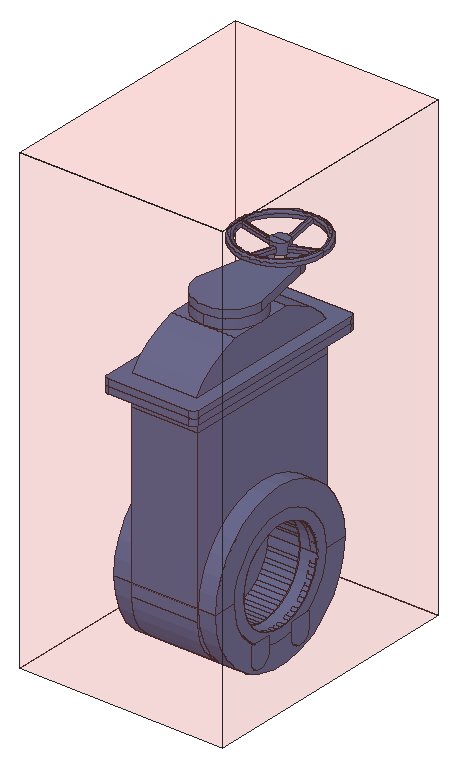
Revit family "Поли-Групп_ЗадвижкаКлиноваяEAZ-МК-F3(ВS)_DN350-1600", category Арматура трубопроводов, Revit 2019
Family settings
  Размер круглого соединителя = Использовать диаметр
  Тип детали = Клапан - Вставляется
  На основе рабочей плоскости = Нет
  Всегда вертикально = Да
  При загрузке вырезать с полостями = Нет
  Общий = Нет
Parameters (values of type "Загрузите типоразмеры из каталог семейств")
  с = H1 - D * 0.5  # 17.5 mm
  Тип присоединения = "Фланцевое"  # constant formula
  Тип привода = "Редуктор"  # constant formula
  Температура рабочей среды = "0 до +70°С"  # constant formula
  ТВ = "Поли-Групп_ЗадвижкаКлиноваяEAZ-МК-F3(ВS)_DN350-1600"  # constant formula
  Срок службы = "50 лет"  # constant formula
  Сервисная зона_Вкл_Выкл [instance] = yes
  Разработчик = "https://3dbim.pro/"
  Рабочая среда = "Техническая вода, канализационные стоки, морская вода"  # constant formula
  Покрытие = "Высококачественное эпоксидное покрытие толщиной 300 мкм"  # constant formula
  Корпус_Глубина = A * 0.8  # 604.8 mm
  R1 = R * 10  # 206 mm
  L2 = L1 * 0.3  # 81 mm
  L1 = size_lookup(ТВ, "L1", 500 mm, DN, PN)  # 270 mm
  D1 = size_lookup(ТВ, "D1", 340 mm, DN, PN)  # 460 mm
  A = size_lookup(ТВ, "A", 340 mm, DN, PN)  # 756 mm
  l3 = L * 0.9  # 342.9 mm
  Назначение = "Для установки в качестве запорного устройства на трубопроводах"  # constant formula
  Материал уплотнителя = "PTFE"  # constant formula
  Материал Диска = "Высокопрочный чугун с шаровидным графитом (GGG-40)"  # constant formula
  d1 = DN / 4  # 87.5 mm
  Класс герметичности = "А по ГОСТ Р 9544-2015"  # constant formula
  Manufacturer = ""
  h2 = H2 * 0.7  # 683.2 mm
  Габаритные размеры = size_lookup(ТВ, "Габаритные размеры", "нет данных", DN, PN)  # "505х381х1246"
  t = h2 * 0.1  # 68.32 mm
  l2 = L * 0.65  # 247.65 mm
  l1 = L * 0.6  # 228.6 mm
  b = size_lookup(ТВ, "b", 20 mm, DN, PN)  # 24.5 mm
  PN = 10.0 bar
  H1 = size_lookup(ТВ, "H1", 40 mm, DN, PN)  # 270 mm
  D2 = size_lookup(ТВ, "D2", 295 mm, DN, PN)  # 429 mm
  f = size_lookup(ТВ, "f", 3 mm, DN, PN)  # 4 mm
  URL = ""
  R = size_lookup(ТВ, "R", 40 mm, DN, PN)  # 20.6 mm
  L = size_lookup(ТВ, "L", 500 mm, DN, PN)  # 381 mm
  Kv = size_lookup(ТВ, "Kv", 1.0 m³/h, DN, PN)  # 1.0 m³/h
  H2 = size_lookup(ТВ, "H2", 250 mm, DN, PN)  # 976 mm
  D_Наружный = DN + 9 mm  # 359 mm
  DN = 350 mm
  D = size_lookup(ТВ, "D", 340 mm, DN, PN)  # 505 mm
  ADSK_Расход жидкости [instance] = 0.0 m³/h
  ADSK_Примечание = ""
  ADSK_Потеря давления жидкости [instance] = (ADSK_Расход жидкости / Kv) ^ 2 * 1.0 bar  # 0.0 bar
  ADSK_Позиция = ""
  ADSK_Обозначение = ""
  ADSK_Наименование краткое = size_lookup(ТВ, "ADSK_Наименование краткое", "нет данных", DN, PN)  # "Задвижка клиновая EAZ MK F3 DN350 PN10"
  ADSK_Наименование = size_lookup(ТВ, "ADSK_Наименование", "нет данных", DN, PN)  # "Задвижка клиновая с металлическим уплотнением EAZ MK F3 для сточных вод фланцевая DN350 PN10"
  ADSK_Материал наименование = "Высокопрочный чугун с шаровидным графитом (GGG-40)"  # constant formula
  ADSK_Материал = Высокопрочный чугун GGG-40
  ADSK_Масса_Текст = size_lookup(ТВ, "ADSK_Масса_Текст", "нет данных", DN, PN)  # "225"
  ADSK_Масса = size_lookup(ТВ, "ADSK_Масса", 0, DN, PN)  # 225
  ADSK_Марка = size_lookup(ТВ, "ADSK_Код изделия", "нет данных", DN, PN)  # "EAZ-GV-1-F3 DN350 PN10"
  ADSK_Количество = 1  # constant formula
  ADSK_Код изделия = ""
  ADSK_Завод-изготовитель = "ООО ПК «Поли-Групп»"  # constant formula
  ADSK_Единица измерения = "шт"  # constant formula
  ADSK_Версия Revit = "2019"  # constant formula
  ADSK_URL страницы изделия = "https://www.polycorr.ru/"
Reference planes
  plane 1 "По центру (Вперед/Назад)": y = 0
  plane 2: z = 0
  plane 3 "По центру (Влево/Вправо)": x = 0
  plane 4: y = 175
  plane 5: y = -175
  plane 6: x = -190.5
  plane 7: x = 190.5
  plane 8: x = -154
  plane 9: x = 154
  plane 10: y = 214.5
  plane 11: y = -214.5
  plane 12: y = 302.4
  plane 13: y = -302.4
  plane 14 "Корпус": z = 683.2
  plane 15: z = 658.7
  plane 16: z = 590.38
  plane 17: x = -123.825
  plane 18: x = 123.825
  plane 19: x = -114.3
  plane 20: x = 114.3
  plane 21: y = 378
  plane 22: y = -378
  plane 23: x = 171.45
  plane 24: x = -171.45
  plane 25: y = 302.4
  plane 26: y = -302.4
  plane 27: x = -5
  plane 28: x = 5
  plane 29: z = 175
  plane 30: z = -175
  plane 31 "Штурвал": z = 976
  plane 32: y = -135
  plane 33: y = 135
  plane 34: z = -270
  plane 35: z = -252.5
  plane 36: y = -54
  plane 37: y = 54
Forms (mm)
  Revolve 1, solid, material "Высокопрочный чугун GGG-40" <- "ADSK_Материал", detail levels fine
    sketch origin (0, 0, 0) x (1, 0, 0) y (0, 1, 0)
      loop
        line (-190.5, 302.4) -> (-190.5, 0) -> (190.5, 0) -> (190.5, 302.4) -> (-190.5, 302.4)
      axis (-190.5, 0) -> (190.5, 0)
    angle from 0 to 360
  Extrusion 2, solid, material "Высокопрочный чугун GGG-40" <- "ADSK_Материал", detail levels fine
    sketch origin (-117.677, -1524, 658.7) x (-1, 0, 0) y (0, -1, 0)
      loop
        arc (33.173, -1902) -> (47.739, -1895.966) -> (53.773, -1881.4) r 20.6
        line (53.773, -1881.4) -> (53.773, -1166.6)
        arc (53.773, -1166.6) -> (47.739, -1152.034) -> (33.173, -1146) r 20.6
        line (33.173, -1146) -> (-268.527, -1146)
        arc (-268.527, -1146) -> (-283.094, -1152.034) -> (-289.127, -1166.6) r 20.6
        line (-289.127, -1166.6) -> (-289.127, -1881.4)
        arc (-289.127, -1881.4) -> (-283.094, -1895.966) -> (-268.527, -1902) r 20.6
        line (-268.527, -1902) -> (33.173, -1902)
    from 0 to 24.5
  Extrusion 3, solid, material "Высокопрочный чугун GGG-40" <- "ADSK_Материал", detail levels fine
    sketch origin (-117.677, -1524, 590.38) x (-1, 0, 0) y (0, -1, 0)
      loop
        line (6.148, -1221.6) -> (-241.502, -1221.6) -> (-241.502, -1826.4) -> (6.148, -1826.4) -> (6.148, -1221.6)
    from 0 to 68.32
  Extrusion 4, void
    sketch origin (-154, 168.089, 1200) x (0, -1, 0) y (0, 0, 1)
      loop
        circle (168.089, -1200) r 175
    from 36.5 to -344.5
  Extrusion 5, solid, material "Высокопрочный чугун GGG-40" <- "ADSK_Материал", detail levels fine
    sketch origin (0, 0, 0) x (0, 1, 0) y (0, 0, 1)
      loop
        circle (0, 0) r 175
    from -5 to 5
  Extrusion 6, solid, material "Высокопрочный чугун GGG-40" <- "ADSK_Материал", detail levels fine
    sketch origin (0, 0, 0) x (1, 0, 0) y (0, 1, 0)
      loop
        circle (0, 0) r 43.75
    from -175 to 175
  Extrusion 7, solid, material "Высокопрочный чугун GGG-40" <- "ADSK_Материал", detail levels fine
    sketch origin (0, 0, 0) x (0, 1, 0) y (0, 0, 1)
      loop
        line (-302.4, 590.38) -> (-302.4, -46.5)
        arc (-302.4, -46.5) -> (-242.064, -192.164) -> (-96.4, -252.5) r 206
        line (-96.4, -252.5) -> (96.4, -252.5)
        arc (96.4, -252.5) -> (242.064, -192.164) -> (302.4, -46.5) r 206
        line (302.4, -46.5) -> (302.4, 590.38) -> (-302.4, 590.38)
    from -123.825 to 123.825
  Extrusion 8, solid, material "Высокопрочный чугун GGG-40" <- "ADSK_Материал", detail levels fine
    sketch origin (0, 0, 0) x (0, 1, 0) y (0, 0, 1)
      loop
        arc (-94, -270) -> (-65.716, -258.284) -> (-54, -230) r 40
        line (-54, -230) -> (-54, -175) -> (-135, -175) -> (-135, -230)
        arc (-135, -230) -> (-123.284, -258.284) -> (-95, -270) r 40
        line (-95, -270) -> (-94, -270)
      loop
        arc (95, -270) -> (123.284, -258.284) -> (135, -230) r 40
        line (135, -230) -> (135, -175) -> (54, -175) -> (54, -230)
        arc (54, -230) -> (65.716, -258.284) -> (94, -270) r 40
        line (94, -270) -> (95, -270)
    from 171.45 to 190.5
  Extrusion 9, solid, material "Высокопрочный чугун GGG-40" <- "ADSK_Материал", detail levels fine
    sketch origin (0, 0, 0) x (0, 1, 0) y (0, 0, 1)
      loop
        line (-135, -175) -> (-135, -230)
        arc (-135, -230) -> (-123.284, -258.284) -> (-95, -270) r 40
        line (-95, -270) -> (-94, -270)
        arc (-94, -270) -> (-65.716, -258.284) -> (-54, -230) r 40
        line (-54, -230) -> (-54, -175) -> (-135, -175)
      loop
        line (135, -175) -> (54, -175) -> (54, -230)
        arc (54, -230) -> (65.716, -258.284) -> (94, -270) r 40
        line (94, -270) -> (95, -270)
        arc (95, -270) -> (123.284, -258.284) -> (135, -230) r 40
        line (135, -230) -> (135, -175)
    from -190.5 to -171.45
Cuts and joins
  Extrusion 4 cuts Revolve 1
  Extrusion 4 cuts Extrusion 7
Dimensions and locks
  equal spacing: plane 4, plane 1 "По центру (Вперед/Назад)", plane 5
  "DN": plane 4 to plane 5
  equal spacing: plane 10, plane 1 "По центру (Вперед/Назад)", plane 11
  "D2": plane 10 to plane 11
  equal spacing: plane 12, plane 1 "По центру (Вперед/Назад)", plane 13
  "Корпус_Глубина": plane 12 to plane 13
  "b": plane 14 "Корпус" to plane 15
  "h2": plane 14 "Корпус" to plane 2
  equal spacing: plane 19, plane 3 "По центру (Влево/Вправо)", plane 20
  "l1": plane 19 to plane 20
  equal spacing: plane 17, plane 3 "По центру (Влево/Вправо)", plane 18
  "l2": plane 17 to plane 18
  equal spacing: plane 21, plane 1 "По центру (Вперед/Назад)", plane 22
  "A": plane 21 to plane 22
  equal spacing: plane 24, plane 3 "По центру (Влево/Вправо)", plane 23
  "l3": plane 24 to plane 23
  "Корпус_Глубина": plane 25 to plane 26
  equal spacing: plane 26, plane 1 "По центру (Вперед/Назад)", plane 25
  equal spacing: plane 28, plane 3 "По центру (Влево/Вправо)", plane 27
  locked: plane 28 to plane 3 "По центру (Влево/Вправо)" at 5
  "t": plane 15 to plane 16
  equal spacing: plane 29, level, plane 30
  "DN": plane 29 to plane 30
  "H2": plane 31 "Штурвал" to level
  equal spacing: plane 6, nested 3, plane 7
  "L": plane 6 to plane 7
  equal spacing: plane 6, plane 3 "По центру (Влево/Вправо)", plane 7
  equal spacing: plane 32, plane 1 "По центру (Вперед/Назад)", plane 33
  "L1": plane 32 to plane 33
  "H1": level to plane 34
  "с": plane 35 to plane 34
  "L2": plane 32 to plane 36
  "L2": plane 37 to plane 33
  "R": radius of Extrusion 2 sketch curve  (x4)
  "DN": diameter of Extrusion 4 sketch curve
  "DN": diameter of Extrusion 5 sketch curve
  "d1": diameter of Extrusion 6 sketch curve
  "R1": radius of Extrusion 7 sketch curve  (x2)
  radius of Extrusion 8 sketch curve = 40 mm  (x4)
  radius of Extrusion 9 sketch curve = 40 mm  (x4)
  aligned and locked: level to plane 2
  aligned and locked: Revolve 1 sketch curve to plane 12
  aligned and locked: plane 1 "По центру (Вперед/Назад)" to Revolve 1 sketch curve
  aligned and locked: Extrusion 2 sketch curve to plane 21
  aligned and locked: Extrusion 2 sketch curve to plane 24
  aligned and locked: plane 22 to Extrusion 2 sketch curve
  aligned and locked: Extrusion 2 sketch curve to plane 23
  aligned and locked: plane 14 "Корпус" to Extrusion 2
  aligned and locked: plane 26 to Extrusion 3 sketch curve
  aligned and locked: Extrusion 3 sketch curve to plane 17
  aligned and locked: Extrusion 3 sketch curve to plane 25
  aligned and locked: Extrusion 3 sketch curve to plane 18
  aligned and locked: Revolve 1 sketch curve to plane 1 "По центру (Вперед/Назад)"
  aligned and locked: nested 1 to plane 1 "По центру (Вперед/Назад)"
  aligned and locked: plane 1 "По центру (Вперед/Назад)" to nested 2
  aligned and locked: Extrusion 5 to plane 27
  aligned and locked: Extrusion 5 to plane 28
  aligned and locked: Extrusion 3 to plane 15
  aligned and locked: Extrusion 6 to plane 30
  aligned and locked: plane 29 to Extrusion 6
  aligned and locked: plane 1 "По центру (Вперед/Назад)" to nested 3
  aligned and locked: plane 7 to nested 2
  aligned and locked: Revolve 1 sketch curve to plane 7
  aligned and locked: cut or joined group of Revolve 1, Extrusion 4 to plane 6
  aligned and locked: Extrusion 4 to plane 6
  aligned and locked: plane 7 to Extrusion 4
  aligned and locked: nested 1 to plane 6
  aligned and locked: plane 3 "По центру (Влево/Вправо)" to nested 4
  aligned and locked: plane 1 "По центру (Вперед/Назад)" to nested 4
  aligned and locked: nested 4 to level
  aligned and locked: plane 3 "По центру (Влево/Вправо)" to nested 5
  aligned and locked: nested 5 to level
  aligned and locked: plane 3 "По центру (Влево/Вправо)" to nested 6
  aligned and locked: Extrusion 7 sketch curve to Extrusion 3  (x2)
  aligned and locked: plane 35 to Extrusion 7 sketch curve
  aligned and locked: Extrusion 7 sketch curve to plane 12
  aligned and locked: Extrusion 7 to plane 17
  aligned and locked: plane 18 to Extrusion 7
  aligned and locked: plane 34 to Extrusion 8 sketch curve  (x2)
  aligned and locked: Extrusion 8 sketch curve to plane 30
  aligned and locked: plane 32 to Extrusion 8 sketch curve
  aligned and locked: Extrusion 8 sketch curve to plane 33
  aligned and locked: Extrusion 6 to Extrusion 8 sketch curve
  aligned and locked: plane 37 to Extrusion 8 sketch curve
  aligned and locked: plane 7 to Extrusion 8
  aligned and locked: Extrusion 8 to plane 23
  aligned and locked: Extrusion 9 sketch curve to plane 30
  aligned and locked: plane 32 to Extrusion 9 sketch curve
  aligned and locked: plane 34 to Extrusion 9 sketch curve
  aligned and locked: Extrusion 9 sketch curve to plane 36
  aligned and locked: plane 30 to Extrusion 9 sketch curve
  aligned and locked: plane 33 to Extrusion 9 sketch curve
  aligned and locked: Extrusion 9 sketch curve to plane 34
  aligned and locked: Extrusion 9 sketch curve to plane 37
  aligned and locked: Extrusion 9 to plane 24
  aligned and locked: Extrusion 9 to plane 6
Automatic sketch dimensions
  Revolve 1 sketch curve to plane 6 = 14 mm
  Revolve 1 sketch curve to plane 7 = 5 mm
  Revolve 1 sketch curve to plane 6 = 0 mm
  Extrusion 8 sketch curve to plane 36 = 0 mm
  Extrusion 9 sketch curve to plane 36 = 0 mm
  Extrusion 4 sketch curve to level = 0 mm
  Extrusion 4 sketch curve to plane 1 "По центру (Вперед/Назад)" = 0 mm
  Extrusion 5 sketch curve to level = 0 mm
  Extrusion 5 sketch curve to plane 1 "По центру (Вперед/Назад)" = 0 mm
  plane 1 "По центру (Вперед/Назад)" to Extrusion 6 sketch curve = 0 mm
  Extrusion 6 sketch curve to plane 3 "По центру (Влево/Вправо)" = 0 mm
Nested families
  nested 1: "Вл_Фланец" at (-166, 0, 0) x (-1, 0, 0) z (0, 0, 1), type "Вл_Фланец", detail levels fine
    with D2 429 mm, f 4 mm, D 505 mm, b 24.5 mm, DN 350 mm
  nested 2: "Вл_Фланец" at (166, 0, 0), type "Вл_Фланец", detail levels fine
    with D2 429 mm, f 4 mm, D 505 mm, b 24.5 mm, DN 350 mm
  nested 3: "Вл_КрышкаКорпусаРедуктор" at (0, 0, 683.2), type "Вл_КрышкаКорпусаРедуктор", detail levels fine
    with h2 683.2 mm, Крышка_Высота 146.816 mm, КрышкаКорпуса_Высота 183.52 mm
  nested 4: "УГО_АТ_Задвижка" at (-0.685, 0, 0) x (1, 0, 0) z (0, -1, 0), type "УГО_АТ_Задвижка", detail levels coarse+medium
    with УГО_Длина 381 mm, b 109.985 mm
  nested 5: "УГО_ЭУ_Задвижка" at (0, 0, 0) x (1, 0, 0) z (0, -1, 0), type "УГО_ЭУ_Задвижка", detail levels coarse+medium
    with УГО_Длина 381 mm, b 109.985 mm
  nested 6: "Вл_СервиснаяЗона" at (0, 0, -19.073), visible <- "Сервисная зона_Вкл_Выкл", ВысотаНадОсью <- "H2", ВысотаПодОсью <- "H1", ДиаметрФланца <- "D", Длина <- "L", type "Вл_СервиснаяЗона", detail levels fine
    with СЗ_ШиринаНазад 505 mm, СЗ_ШиринаВперед 505 mm, СЗ_Длина 762 mm, СЗ_ВысотаПодОсью 270 mm, СЗ_ВысотаНадОсью 1464 mm, Длина 381 mm, ДиаметрФланца 505 mm, ВысотаПодОсью 270 mm, ВысотаНадОсью 976 mm, on_off yes
Connectors
  piping at (190.5, 0, 0), diameter 350, driven by "DN", driven by "ADSK_Расход жидкости"
    settings: on cut or joined group of Revolve 1, Extrusion 4, index 1, connector inside diameter 609.6 mm, connector length 0 mm, flow factor 0, pipe flow 0.0 m³/h, pressure drop 0.0 bar, fitting loss kfactor 0, connector angle 0.00°, fixture units 0, engagement length 0 mm, angle of deflection 0.00°, flow configuration 0, flow direction 0, fitting loss method 0, system type 29, joint type 0, gender type 0, connector reference index 2, connector utility 0, adjustable connector no, is connector primary yes, connector description ""
  piping at (-190.5, 0, 0), diameter 350, driven by "DN", driven by "ADSK_Расход жидкости", driven by "ADSK_Потеря давления жидкости"
    settings: on cut or joined group of Revolve 1, Extrusion 4, index 2, connector inside diameter 609.6 mm, connector length 0 mm, flow factor 0, pipe flow 0.0 m³/h, pressure drop 0.0 bar, fitting loss kfactor 0, connector angle 0.00°, fixture units 0, engagement length 0 mm, angle of deflection 0.00°, flow configuration 0, flow direction 0, fitting loss method 4, system type 29, joint type 0, gender type 0, connector reference index 1, connector utility 0, adjustable connector no, is connector primary no, connector description ""
Definition of nested family "Вл_Фланец"
  Parameters (values of type "Вл_Фланец")
    Материал = none
    Manufacturer = ""
    D2 = 682 mm
    f = 5 mm
    URL = ""
    D = 780 mm
    b = 36 mm
    DN = 600 mm
  Reference planes
    plane 1 "По центру (Вперед/Назад)": y = 0
    plane 2: z = 0
    plane 3 "По центру (Влево/Вправо)": x = 0
    plane 4: x = 31
    plane 5: x = 36
  Forms (mm)
    Extrusion 1, solid, material <- "Материал"
      sketch origin (0, 0, 0) x (0, 1, 0) y (0, 0, 1)
        loop
          circle (0, 1.343) r 390
        loop
          circle (0, 0) r 300
      from 0 to 31
    Extrusion 2, solid, material <- "Материал"
      sketch origin (31, 232.183, 1200) x (0, 1, 0) y (0, 0, 1)
        loop
          circle (-232.183, -1200) r 341
        loop
          circle (-232.183, -1200) r 300
      from 0 to 5
  Dimensions and locks
    "f": plane 4 to plane 5
    "b": plane 3 "По центру (Влево/Вправо)" to plane 5
    "D": diameter of Extrusion 1 sketch curve
    "DN": diameter of Extrusion 1 sketch curve
    "DN": diameter of Extrusion 2 sketch curve
    "D2": diameter of Extrusion 2 sketch curve
    aligned and locked: level to plane 2
    aligned and locked: Extrusion 1 to plane 4
    aligned and locked: Extrusion 2 to plane 5
  Automatic sketch dimensions
    Extrusion 1 sketch curve to level = 0 mm
    Extrusion 1 sketch curve to plane 1 "По центру (Вперед/Назад)" = 0 mm  (x2)
    level to Extrusion 1 sketch curve = 1.343 mm
    Extrusion 2 sketch curve to Extrusion 2 sketch curve = 0 mm  (x2)
    Extrusion 2 sketch curve to level = 0 mm
    Extrusion 2 sketch curve to plane 1 "По центру (Вперед/Назад)" = 0 mm
Definition of nested family "Вл_КрышкаКорпусаРедуктор"
  Parameters (values of type "Вл_КрышкаКорпусаРедуктор")
    Штурвал_Высота = DO * 0.25  # 80 mm
    Редуктор_Длина = Редуктор_Вал_r1 * 2  # 240.03 mm
    Редуктор_Высота = H2 * 0.03  # 29.28 mm
    Крышка_Ширина = l3 * 0.7  # 240.03 mm
    Крышка_Глубина = A * 0.8  # 604.8 mm
    ТВ = "Поли-Групп_ЗадвижкаКлиноваяEAZ-МК-F3(ВS)_DN350-1600"  # constant formula
    Редуктор_Вал_r1 = Крышка_Ширина * 0.5  # 120.015 mm
    l3 = L * 0.9  # 342.9 mm
    Default Elevation = 1219.2 mm
    Материал = none
    h2 = 376 mm
    Manufacturer = ""
    PN = 10.0 bar
    A = size_lookup(ТВ, "A", 500 mm, DN, PN)  # 756 mm
    Крышка_Высота = КрышкаКорпуса_Высота * 0.8  # 392.576 mm
    КрышкаКорпуса_Высота = H2 - h2 - Редуктор_Высота - Штурвал_Высота  # 490.72 mm
    Верх_Глубина = Редуктор_Вал_r2 / 5  # 14.402 mm
    b = size_lookup(ТВ, "b", 20 mm, DN, PN)  # 24.5 mm
    URL = ""
    R = size_lookup(ТВ, "R", 20 mm, DN, PN)  # 20.6 mm
    L = size_lookup(ТВ, "L", 500 mm, DN, PN)  # 381 mm
    H2 = size_lookup(ТВ, "H2", 250 mm, DN, PN)  # 976 mm
    Редуктор_Вал_r2 = Крышка_Ширина * 0.3  # 72.009 mm
    DO = 320 mm  # constant formula
    DN = 350 mm
    D = size_lookup(ТВ, "D", 340 mm, DN, PN)  # 505 mm
  Reference planes
    plane 1 "По центру (Вперед/Назад)": y = 0
    plane 2: z = 0
    plane 3 "По центру (Влево/Вправо)": x = 0
    plane 4: y = 378
    plane 5: y = -378
    plane 6: x = 171.45
    plane 7: x = -171.45
    plane 8: z = 24.5
    plane 9: x = 46.6
    plane 10: x = -46.6
    plane 11: y = 64.5
    plane 12 "1": y = -55
    plane 13: z = 392.576
    plane 14 "ШляпаНиз2": y = 302.4
    plane 15 "ШляпаНиз1": y = -302.4
    plane 16: x = 120.015
    plane 17: x = -120.015
    plane 18: x = 36.005
    plane 19: x = -36.004
    plane 20: y = 120.015
    plane 21: y = -120.015
    plane 22: z = 490.72
    plane 23: z = 196.288
    plane 24: z = 119.481
    plane 25 "Штурвал2": z = 520
    plane 26 "Штурвал": y = 240.03
  Forms (mm)
    Extrusion 1, solid, material <- "Материал"
      sketch origin (0, 0, 0) x (1, 0, 0) y (0, 1, 0)
        loop
          arc (-150.85, 378) -> (-165.416, 371.966) -> (-171.45, 357.4) r 20.6
          line (-171.45, 357.4) -> (-171.45, -357.4)
          arc (-171.45, -357.4) -> (-165.416, -371.966) -> (-150.85, -378) r 20.6
          line (-150.85, -378) -> (150.85, -378)
          arc (150.85, -378) -> (165.416, -371.966) -> (171.45, -357.4) r 20.6
          line (171.45, -357.4) -> (171.45, 357.4)
          arc (171.45, 357.4) -> (165.416, 371.966) -> (150.85, 378) r 20.6
          line (150.85, 378) -> (-150.85, 378)
      from 0 to 24.5
    Extrusion 2, solid, material <- "Материал"
      sketch origin (0, 76.451, 392.576) x (0, 1, 0) y (-1, 0, 0)
        loop
          circle (-76.451, 0) r 120.015
      from 0 to 98.144
    Extrusion 3, solid, material <- "Материал"
      sketch origin (0, 0, 0) x (0, 1, 0) y (0, 0, 1)
        loop
          spline (-120.015, 392.576) -> (-147.959, 360.171) -> (-173.586, 328.08) -> (-196.896, 296.305) -> (-217.888, 264.845) -> (-236.563, 233.699) -> (-252.92, 202.869) -> (-266.96, 172.353) -> (-278.683, 142.153) -> (-288.088, 112.267) -> (-295.176, 82.696) -> (-299.947, 53.441) -> (-302.4, 24.5)
          line (-302.4, 24.5) -> (302.4, 24.5)
          spline (302.4, 24.5) -> (299.947, 53.441) -> (295.176, 82.696) -> (288.088, 112.267) -> (278.683, 142.153) -> (266.96, 172.353) -> (252.92, 202.869) -> (236.563, 233.699) -> (217.888, 264.845) -> (196.896, 296.305) -> (173.586, 328.08) -> (147.959, 360.171) -> (120.015, 392.576)
          line (120.015, 392.576) -> (-120.015, 392.576)
      from -120.015 to 120.015
    Extrusion 4, solid, material <- "Материал"
      sketch origin (0, 0, 0) x (1, 0, 0) y (0, 1, 0)
        loop
          arc (-120.015, 0) -> (0, -120.015) -> (120.015, 0) r 120.015
          line (120.015, 0) -> (72.009, 240.03)
          arc (72.009, 240.03) -> (0, 312.039) -> (-72.009, 240.03) r 72.009
          line (-72.009, 240.03) -> (-120.015, 0)
      from 520 to 490.72
  Dimensions and locks
    equal spacing: plane 7, plane 3 "По центру (Влево/Вправо)", plane 6
    "l3": plane 7 to plane 6
    equal spacing: plane 4, plane 1 "По центру (Вперед/Назад)", plane 5
    "A": plane 4 to plane 5
    "b": plane 8 to plane 2
    "Крышка_Высота": plane 13 to plane 2
    equal spacing: plane 17, plane 3 "По центру (Влево/Вправо)", plane 16
    "Крышка_Ширина": plane 17 to plane 16
    equal spacing: plane 14 "ШляпаНиз2", plane 1 "По центру (Вперед/Назад)", plane 15 "ШляпаНиз1"
    "Крышка_Глубина": plane 14 "ШляпаНиз2" to plane 15 "ШляпаНиз1"
    equal spacing: plane 20, plane 1 "По центру (Вперед/Назад)", plane 21
    equal spacing: plane 19, plane 3 "По центру (Влево/Вправо)", plane 18
    "Крышка_Ширина": plane 20 to plane 21
    "Редуктор_Вал_r2": plane 19 to plane 18
    "КрышкаКорпуса_Высота": plane 22 to plane 2
    "Редуктор_Высота": plane 25 "Штурвал2" to plane 22
    equal spacing: plane 13, plane 23, level
    "Редуктор_Длина": plane 1 "По центру (Вперед/Назад)" to plane 26 "Штурвал"
    "R": radius of Extrusion 1 sketch curve  (x4)
    "Крышка_Ширина": diameter of Extrusion 2 sketch curve
    "Редуктор_Вал_r1": radius of Extrusion 4 sketch curve
    "Редуктор_Вал_r2": radius of Extrusion 4 sketch curve
    aligned and locked: level to plane 2
    aligned and locked: Extrusion 1 sketch curve to plane 4
    aligned and locked: plane 7 to Extrusion 1 sketch curve
    aligned and locked: plane 5 to Extrusion 1 sketch curve
    aligned and locked: Extrusion 1 sketch curve to plane 6
    aligned and locked: Extrusion 1 to plane 8
    aligned and locked: plane 22 to Extrusion 2
    aligned and locked: Extrusion 3 sketch curve to plane 13
    aligned and locked: plane 14 "ШляпаНиз2" to Extrusion 3 sketch curve
    aligned and locked: plane 15 "ШляпаНиз1" to Extrusion 3 sketch curve
    aligned and locked: Extrusion 3 to plane 8
    aligned and locked: plane 17 to Extrusion 3
    aligned and locked: plane 16 to Extrusion 3
    aligned and locked: plane 21 to Extrusion 3 sketch curve
    aligned and locked: plane 20 to Extrusion 3 sketch curve
    aligned and locked: plane 13 to Extrusion 3 sketch curve
    aligned and locked: plane 25 "Штурвал2" to Extrusion 4
    aligned and locked: Extrusion 4 to plane 22
    aligned and locked: nested 1 to plane 25 "Штурвал2"
    aligned and locked: plane 17 to Extrusion 4 sketch curve
    aligned and locked: plane 26 "Штурвал" to Extrusion 4 sketch curve  (x2)
    aligned and locked: plane 1 "По центру (Вперед/Назад)" to Extrusion 4 sketch curve  (x2)
    aligned and locked: plane 26 "Штурвал" to nested 1
    aligned and locked: plane 3 "По центру (Влево/Вправо)" to nested 1
  Automatic sketch dimensions
    Extrusion 3 sketch curve to plane 8 = 0 mm
    plane 1 "По центру (Вперед/Назад)" to Extrusion 2 sketch curve = 0 mm
    Extrusion 2 sketch curve to plane 3 "По центру (Влево/Вправо)" = 0 mm
    Extrusion 4 sketch curve to plane 3 "По центру (Влево/Вправо)" = 0 mm
  Nested families
    nested 1: "Вл_Штурвал" at (0, 240.03, 520), type "Вл_Штурвал"
      with Штурвал_Осьd 300.8 mm, Штурвал_Высота 80 mm, Штурвал_КольцоШирина 19.2 mm, Держалка_Ширина/2 8 mm, Держалка_Ширина 16 mm, Держалка_d 272 mm, Держалка_Отступ 3.2 mm, Штурвал_ВнКольцоВысота 38.4 mm, Штурвал_ВнВысота 52 mm, DO 320 mm, Штурвал_Скруглений_r 6.336 mm, Штурвал_ВнКольцо_r 32 mm, Штурвал_Стойка_D 32 mm, D_Гайка 21.333 mm, DN 300 mm
  Definition of nested family "Вл_Штурвал"
    Parameters (values of type "Вл_Штурвал")
      Штурвал_Осьd = DO - Штурвал_КольцоШирина  # 188 mm
      Штурвал_Высота = DO * 0.25  # 50 mm
      Штурвал_КольцоШирина = DO * 0.06  # 12 mm
      Держалка_Ширина/2 = Держалка_Ширина * 0.5  # 5 mm
      Держалка_Ширина = Штурвал_КольцоШирина / 1.2  # 10 mm
      Держалка_d = Штурвал_Осьd - Штурвал_КольцоШирина * 1.5  # 170 mm
      Держалка_Отступ = Штурвал_Стойка_D * 0.1  # 2 mm
      Default Elevation = 1219.2 mm
      Материал_Штурвал = none
      Manufacturer = ""
      Штурвал_ВнКольцоВысота = Штурвал_ВнКольцо_r * 1.2  # 24 mm
      Штурвал_ВнВысота = Штурвал_Высота * 0.65  # 32.5 mm
      DO = 200 mm
      URL = ""
      Штурвал_Скруглений_r = Штурвал_КольцоШирина * 0.33  # 3.96 mm
      Штурвал_ВнКольцо_r = DO * 0.1  # 20 mm
      Штурвал_Стойка_D = Штурвал_Высота * 0.4  # 20 mm
      D_Гайка = Штурвал_ВнКольцо_r / 1.5  # 13.333 mm
      DN = 100 mm
    Reference planes
      plane 1 "По центру (Вперед/Назад)": y = 0
      plane 2: z = 0
      plane 3 "По центру (Влево/Вправо)": x = 0
      plane 4: x = 100
      plane 5: x = -100
      plane 6: y = 100
      plane 7: y = -100
      plane 8: z = 50
      plane 9: z = 38
      plane 10: x = 88
      plane 11: z = 41.5
      plane 12: z = 43
      plane 13: z = 17.5
      plane 14: x = 20
      plane 15: z = 19.5
    Forms (mm)
      Revolve 1, solid
        sketch origin (0, 0, 0) x (1, 0, 0) y (0, 0, 1)
          loop
            arc (91.96, 50) -> (89.16, 48.84) -> (88, 46.04) r 3.96
            line (88, 46.04) -> (88, 38) -> (100, 38) -> (100, 46.04)
            arc (100, 46.04) -> (98.84, 48.84) -> (96.04, 50) r 3.96
            line (96.04, 50) -> (91.96, 50)
          axis (0, 50) -> (0, 38)
        angle from 0 to 360
      Revolve 2, solid
        sketch origin (0, 0, 0) x (1, 0, 0) y (0, 0, 1)
          loop
            line (0, 41.5) -> (0, 17.5) -> (20, 17.5) -> (20, 41.5) -> (0, 41.5)
          axis (0, 41.5) -> (0, 17.5)
        angle from 0 to 360
      Extrusion 3, solid
        sketch origin (-128.236, -1524, 257.2) x (-1, 0, 0) y (0, -1, 0)
          loop
            circle (-128.236, -1524) r 10
        from -239.7 to -257.2
      Sweep 4, solid
        path in 3D
          loop
            line (0, 7.5, 19.5) -> (0, 85, 38) -> (0, 94, 38)
        profile "Вл_ПрофильШтурвала : Вл_ПрофильШтурвала" origin (0, 89.5, 38) x (0, 0, 1) y (1, 0, 0)
          loop
            arc (10, 1.667) -> (9.024, 4.024) -> (6.667, 5) r 3.333
            line (6.667, 5) -> (0, 5) -> (0, -5) -> (6.667, -5)
            arc (6.667, -5) -> (9.024, -4.024) -> (10, -1.667) r 3.333
            line (10, -1.667) -> (10, 1.667)
      Sweep 5, solid
        path in 3D
          loop
            line (-7.5, 0, 19.5) -> (-85, 0, 38) -> (-94, 0, 38)
        profile "Вл_ПрофильШтурвала : Вл_ПрофильШтурвала" origin (-89.5, 0, 38) x (0, 0, -1) y (0, -1, 0)
          loop
            arc (-10, -1.667) -> (-9.024, -4.024) -> (-6.667, -5) r 3.333
            line (-6.667, -5) -> (0, -5) -> (0, 5) -> (-6.667, 5)
            arc (-6.667, 5) -> (-9.024, 4.024) -> (-10, 1.667) r 3.333
            line (-10, 1.667) -> (-10, -1.667)
      Sweep 6, solid
        path in 3D
          loop
            line (0, -7.5, 19.5) -> (0, -85, 38) -> (0, -94, 38)
        profile "Вл_ПрофильШтурвала : Вл_ПрофильШтурвала" origin (0, -89.5, 38) x (0, 0, -1) y (1, 0, 0)
          loop
            arc (-10, -1.667) -> (-9.024, -4.024) -> (-6.667, -5) r 3.333
            line (-6.667, -5) -> (0, -5) -> (0, 5) -> (-6.667, 5)
            arc (-6.667, 5) -> (-9.024, 4.024) -> (-10, 1.667) r 3.333
            line (-10, 1.667) -> (-10, -1.667)
      Sweep 7, solid
        path in 3D
          loop
            line (7.5, 0, 19.5) -> (85, 0, 38) -> (94, 0, 38)
        profile "Вл_ПрофильШтурвала : Вл_ПрофильШтурвала" origin (89.5, 0, 38) x (0, 0, 1) y (0, -1, 0)
          loop
            arc (10, 1.667) -> (9.024, 4.024) -> (6.667, 5) r 3.333
            line (6.667, 5) -> (0, 5) -> (0, -5) -> (6.667, -5)
            arc (6.667, -5) -> (9.024, -4.024) -> (10, -1.667) r 3.333
            line (10, -1.667) -> (10, 1.667)
    Cuts and joins
      joined: Revolve 1, Revolve 2, Sweep 4, Sweep 5, Sweep 6, Sweep 7
    Lines and regions (mm)
      reference lines
        curve 1: circle (0, 0, 38) r 94 normal (0, 0, 1)
        curve 2: circle (0, 0, 19.5) r 10 normal (0, 0, 1)
        curve 3: circle (0, 0, 38) r 85 normal (0, 0, 1)
        curve 4: line (-7.5, 0, 19.5) -> (-85, 0, 38)
        curve 5: line (-85, 0, 38) -> (-94, 0, 38)
        curve 6: line (7.5, 0, 19.5) -> (85, 0, 38)
        curve 7: line (85, 0, 38) -> (94, 0, 38)
        curve 8: line (0, 7.5, 19.5) -> (0, 85, 38)
        curve 9: line (0, 85, 38) -> (0, 94, 38)
        curve 10: line (0, -7.5, 19.5) -> (0, -85, 38)
        curve 11: line (0, -85, 38) -> (0, -94, 38)
      sketch lines
        curve 12: line (0, 85, 38) -> (0, 94, 38)
        curve 13: line (0, 7.5, 19.5) -> (0, 85, 38)
        curve 14: line (-85, 0, 38) -> (-94, 0, 38)
        curve 15: line (-7.5, 0, 19.5) -> (-85, 0, 38)
        curve 16: line (0, -85, 38) -> (0, -94, 38)
        curve 17: line (0, -7.5, 19.5) -> (0, -85, 38)
        curve 18: line (85, 0, 38) -> (94, 0, 38)
        curve 19: line (7.5, 0, 19.5) -> (85, 0, 38)
    Dimensions and locks
      equal spacing: plane 6, plane 1 "По центру (Вперед/Назад)", plane 7
      "DO": plane 6 to plane 7
      equal spacing: plane 5, plane 3 "По центру (Влево/Вправо)", plane 4
      "DO": plane 5 to plane 4
      "Штурвал_КольцоШирина": plane 8 to plane 9
      "Штурвал_КольцоШирина": plane 4 to plane 10
      "Штурвал_ВнКольцоВысота": plane 11 to plane 13
      "Штурвал_ВнКольцо_r": plane 14 to plane 3 "По центру (Влево/Вправо)"
      "Держалка_Ширина/2": plane 12 to plane 9
      "Штурвал_ВнВысота": plane 8 to plane 13
      "Держалка_Отступ": plane 15 to plane 13
      "Штурвал_Высота": plane 8 to level
      "Штурвал_Стойка_D": diameter of Extrusion 3 sketch curve
      "Штурвал_Осьd": diameter of curve 1
      "Штурвал_ВнКольцо_r": diameter of curve 2
      "Штурвал_Скруглений_r": radius of Revolve 1 sketch curve  (x2)
      "Держалка_d": diameter of curve 3
      aligned and locked: level to plane 2
      aligned and locked: Revolve 1 sketch curve to plane 8
      aligned and locked: plane 10 to Revolve 1 sketch curve
      aligned and locked: plane 9 to Revolve 1 sketch curve
      aligned and locked: Revolve 1 sketch curve to plane 4
      aligned and locked: Revolve 1 sketch curve to plane 3 "По центру (Влево/Вправо)"
      aligned and locked: Revolve 2 sketch curve to plane 11
      aligned and locked: plane 3 "По центру (Влево/Вправо)" to Revolve 2 sketch curve
      aligned and locked: plane 13 to Revolve 2 sketch curve
      aligned and locked: Revolve 2 sketch curve to plane 14
      aligned and locked: Revolve 2 sketch curve to plane 3 "По центру (Влево/Вправо)"
      aligned and locked: curve 2 to curve 4
      aligned and locked: curve 4 to curve 3
      aligned and locked: curve 5 to curve 1
      aligned and locked: curve 2 to curve 6
      aligned and locked: curve 3 to curve 6
      aligned and locked: curve 1 to curve 7
      aligned and locked: curve 2 to curve 8
      aligned and locked: curve 3 to curve 8
      aligned and locked: curve 1 to curve 9
      aligned and locked: curve 2 to curve 10
      aligned and locked: curve 10 to curve 3
      aligned and locked: curve 11 to curve 1
      aligned and locked: Extrusion 3 to level
      aligned and locked: plane 13 to Extrusion 3
    Automatic sketch dimensions
      Revolve 2 sketch curve to plane 13 = 0 mm
      Revolve 2 sketch curve to Revolve 2 sketch curve = 70 mm
      plane 8 to Revolve 2 sketch curve = 40 mm
      plane 5 to curve 5 = 15 mm
      plane 5 to curve 5 = 6 mm
      curve 4 to plane 3 "По центру (Влево/Вправо)" = 7.5 mm
      plane 3 "По центру (Влево/Вправо)" to curve 6 = 7.5 mm
      curve 7 to plane 10 = 3 mm
      curve 7 to plane 4 = 6 mm
      curve 9 to plane 6 = 15 mm
      curve 8 to plane 1 "По центру (Вперед/Назад)" = 7.5 mm
      plane 1 "По центру (Вперед/Назад)" to curve 10 = 7.5 mm
      plane 7 to curve 11 = 15 mm
      plane 7 to curve 11 = 6 mm
      curve 9 to plane 6 = 6 mm
      plane 8 to Revolve 1 sketch curve = 4.2 mm
      Revolve 1 sketch curve to Revolve 1 sketch curve = 155.8 mm
      plane 1 "По центру (Вперед/Назад)" to Extrusion 3 sketch curve = 0 mm
      Extrusion 3 sketch curve to plane 3 "По центру (Влево/Вправо)" = 0 mm
      plane 1 "По центру (Вперед/Назад)" to curve 2 = 0 mm
      curve 2 to plane 3 "По центру (Влево/Вправо)" = 0 mm
      curve 1 to curve 3 = 0 mm  (x2)
      plane 1 "По центру (Вперед/Назад)" to curve 3 = 0 mm
      curve 3 to plane 3 "По центру (Влево/Вправо)" = 0 mm
Definition of nested family "УГО_АТ_Задвижка"
  Parameters (values of type "УГО_АТ_Задвижка")
    УГО_Длина = 210 mm
    b = (УГО_Длина / 2) * tan(30.00°)  # 60.622 mm
  Reference planes
    plane 1 "По центру (Вперед/Назад)": y = 0
    plane 2: z = 0
    plane 3 "По центру (Влево/Вправо)": x = 0.685
    plane 4: z = 60.622
    plane 5: z = -60.622
    plane 6: x = -104.315
    plane 7: x = 105.685
  Forms (mm)
    Extrusion 1, solid
      sketch origin (0, 0, 0) x (1, 0, 0) y (0, 0, 1)
        loop
          line (0.685, 0) -> (-104.315, 60.622) -> (-104.315, -60.622) -> (0.685, 0)
      from -1 to 1
    Extrusion 2, solid
      sketch origin (0, 0, 0) x (-1, 0, 0) y (0, 0, -1)
        loop
          line (-0.685, 0) -> (-105.685, 60.622) -> (-105.685, -60.622) -> (-0.685, 0)
      from -1 to 1
  Lines and regions (mm)
    model lines
      curve 1: line (0.685, 0, 60.622) -> (0.685, 0, -60.622)
  Dimensions and locks
    equal spacing: plane 4, level, plane 5
    "b": plane 4 to level
    equal spacing: plane 7, plane 3 "По центру (Влево/Вправо)", plane 6
    "УГО_Длина": plane 7 to plane 6
    locked: plane 2 to Extrusion 2 sketch curve (angle 30.00°)
    locked: Extrusion 2 sketch curve to plane 2 (angle 30.00°)
    locked: Extrusion 1 sketch curve to plane 2 (angle 30.00°)
    locked: plane 2 to Extrusion 1 sketch curve (angle 30.00°)
    aligned and locked: level to plane 2
    aligned and locked: curve 1 to plane 3 "По центру (Влево/Вправо)"
    aligned and locked: plane 4 to curve 1
    aligned and locked: plane 5 to curve 1
    aligned and locked: Extrusion 1 sketch curve to plane 6
    aligned and locked: Extrusion 2 sketch curve to plane 7
  Automatic sketch dimensions
    Extrusion 1 sketch curve to level = 0 mm
    Extrusion 1 sketch curve to plane 3 "По центру (Влево/Вправо)" = 0 mm
    Extrusion 2 sketch curve to level = 0 mm
    Extrusion 2 sketch curve to plane 3 "По центру (Влево/Вправо)" = 0 mm
Definition of nested family "Вл_СервиснаяЗона"
  Parameters (values of type "Вл_СервиснаяЗона")
    ДиаметрФланца [instance] = 1230 mm
    СЗ_ВысотаПодОсью [instance] = ВысотаПодОсью  # 680 mm
    СЗ_ВысотаНадОсью [instance] = ВысотаНадОсью * 1.5  # 3720 mm
    СЗ_ШиринаВперед [instance] = ДиаметрФланца  # 1230 mm
    Default Elevation = 1219.2 mm
    Материал = none
    Длина [instance] = 550 mm
    СЗ_Длина [instance] = Длина * 2  # 1100 mm
    ВысотаНадОсью [instance] = 2480 mm
    СЗ_ШиринаНазад [instance] = ДиаметрФланца  # 1230 mm
    ВысотаПодОсью [instance] = 680 mm
    on_off [instance] = yes
  Reference planes
    plane 1 "По центру (Вперед/Назад)": y = 0
    plane 2: z = 0
    plane 3 "По центру (Влево/Вправо)": x = 0
    plane 4: x = -550
    plane 5: x = 550
    plane 6: z = 3720
    plane 7: y = 1230
    plane 8: y = -1230
    plane 9: z = -680
  Forms (mm)
    Extrusion 1, solid, material <- "Материал", visible <- "on_off", detail levels fine
      sketch origin (0, 0, 0) x (1, 0, 0) y (0, 1, 0)
        loop
          line (-550, 1230) -> (-550, -1230) -> (550, -1230) -> (550, 1230) -> (-550, 1230)
      from -680 to 3720
  Lines and regions (mm)
    symbolic lines, visible <- "on_off", detail levels fine
      curve 1: line (-550, 0, 3720) -> (550, 0, 3720)
      curve 2: line (550, 0, 3720) -> (550, 0, -680)
      curve 3: line (-550, -1230, 0) -> (-550, 1230, 0)
      curve 4: line (550, 1230, 0) -> (550, -1230, 0)
  Dimensions and locks
    equal spacing: plane 4, plane 3 "По центру (Влево/Вправо)", plane 5
    "СЗ_Длина": plane 4 to plane 5
    "СЗ_ВысотаНадОсью": plane 6 to level
    "СЗ_ВысотаПодОсью": level to plane 9
    "СЗ_ШиринаВперед": plane 1 "По центру (Вперед/Назад)" to plane 8
    "СЗ_ШиринаНазад": plane 7 to plane 1 "По центру (Вперед/Назад)"
    aligned and locked: level to plane 2
    aligned and locked: Extrusion 1 sketch curve to plane 4
    aligned and locked: Extrusion 1 sketch curve to plane 5
    aligned and locked: curve 1 to plane 6
    aligned and locked: curve 2 to plane 5
    aligned and locked: curve 3 to plane 4
    aligned and locked: curve 4 to plane 5
    aligned and locked: plane 9 to curve 2
    aligned and locked: Extrusion 1 to plane 8
    aligned and locked: plane 7 to Extrusion 1
    aligned and locked: plane 6 to Extrusion 1
    aligned and locked: Extrusion 1 to plane 9
  Automatic sketch dimensions
    Extrusion 1 sketch curve to plane 8 = 0 mm
    Extrusion 1 sketch curve to plane 7 = 0 mm
    plane 8 to curve 4 = 0 mm
    curve 3 to plane 8 = 0 mm
    plane 7 to curve 4 = 0 mm
    curve 3 to plane 7 = 0 mm
    curve 1 to plane 4 = 0 mm
Definition of nested family "УГО_ЭУ_Задвижка"
  Parameters (values of type "УГО_ЭУ_Задвижка")
    УГО_Длина = 60 mm
    b = (УГО_Длина / 2) * tan(30.00°)  # 17.321 mm
  Reference planes
    plane 1 "По центру (Вперед/Назад)": y = 0
    plane 2: z = 0
    plane 3 "По центру (Влево/Вправо)": x = 0
    plane 4: x = -30
    plane 5: x = 30
    plane 6: y = 17.321
    plane 7: y = -17.321
  Lines and regions (mm)
    Filled region 1, type "Сплошная заливка - Белый", in view "Опорный уровень"
      outline origin (0, 0, 0) x (1, 0, 0) y (0, 1, 0)
        loop
          line (0, 0) -> (-30, 17.321) -> (-30, -17.321) -> (0, 0)
    Filled region 2, type "Сплошная заливка - Белый", in view "Опорный уровень"
      outline origin (0, 0, 0) x (1, 0, 0) y (0, 1, 0)
        loop
          line (0, 0) -> (30, -17.321) -> (30, 17.321) -> (0, 0)
    detail lines, in view "Опорный уровень"
      curve 1: line (0, 0, 0) -> (-30, 17.321, 0)
      curve 2: line (0, 0, 0) -> (-30, -17.321, 0)
      curve 3: line (-30, -17.321, 0) -> (-30, 17.321, 0)
      curve 4: line (0, 0, 0) -> (30, 17.321, 0)
      curve 5: line (0, 0, 0) -> (30, -17.321, 0)
      curve 6: line (30, -17.321, 0) -> (30, 17.321, 0)
      curve 7: line (0, -17.321, 0) -> (0, 17.321, 0)
  Dimensions and locks
    equal spacing: plane 4, plane 3 "По центру (Влево/Вправо)", plane 5
    "УГО_Длина": plane 4 to plane 5
    equal spacing: plane 6, plane 1 "По центру (Вперед/Назад)", plane 7
    "b": plane 6 to plane 1 "По центру (Вперед/Назад)"
    locked: plane 1 "По центру (Вперед/Назад)" to curve 4 (angle 30.00°)
    locked: curve 1 to plane 1 "По центру (Вперед/Назад)" (angle 30.00°)
    locked: plane 1 "По центру (Вперед/Назад)" to curve 2 (angle 30.00°)
    locked: curve 5 to plane 1 "По центру (Вперед/Назад)" (angle 30.00°)
    aligned and locked: plane 4 to curve 3
    aligned and locked: curve 6 to plane 5
    aligned and locked: Filled region 1 sketch curve to curve 1
    aligned and locked: Filled region 1 sketch curve to curve 3
    aligned and locked: Filled region 1 sketch curve to curve 2
    aligned and locked: Filled region 2 sketch curve to curve 4
    aligned and locked: Filled region 2 sketch curve to curve 6
    aligned and locked: Filled region 2 sketch curve to curve 5
    aligned and locked: plane 3 "По центру (Влево/Вправо)" to curve 7
    aligned and locked: plane 6 to curve 7
    aligned and locked: plane 7 to curve 7
  Automatic sketch dimensions
    plane 1 "По центру (Вперед/Назад)" to curve 2 = 0 mm
    curve 2 to plane 3 "По центру (Влево/Вправо)" = 0 mm
Types in the file's own list only (24): name | с | Корпус_Глубина | R1 | L2 | L1 | D1 | A | l3 | d1 | h2 | Габаритные размеры | t | l2 | l1 | b | PN | H1 | D2 | f | R | L | Kv | H2 | D_Наружный | DN | D | ADSK_Наименование краткое | ADSK_Наименование | ADSK_Масса_Текст | ADSK_Масса | ADSK_Марка
  350-10 | 18 мм | 605 мм | 206 мм | 81 мм | 270 мм | 460 мм | 756 мм | 343 мм | 88 мм | 683 мм | "505х381х1246" | 68 мм | 248 мм | 229 мм | 25 мм | 10.0 бары | 270 мм | 429 мм | 4 мм | 21 мм | 381 мм | 1.0 м³/ч | 976 мм | 359 мм | 350 мм | 505 мм | "Задвижка клиновая EAZ MK F3 DN350 PN10" | "Задвижка клиновая с металлическим уплотнением EAZ MK F3 для сточных вод фланцевая DN350 PN10" | "225" | 225 | "EAZ-GV-1-F3 DN350 PN10"
  400-10 | 18 мм | 669 мм | 206 мм | 90 мм | 300 мм | 515 мм | 836 мм | 365 мм | 100 мм | 748 мм | "565х406х1368" | 75 мм | 264 мм | 244 мм | 25 мм | 10.0 бары | 300 мм | 480 мм | 4 мм | 21 мм | 406 мм | 1.0 м³/ч | 1068 мм | 409 мм | 400 мм | 565 мм | "Задвижка клиновая EAZ MK F3 DN400 PN10" | "Задвижка клиновая с металлическим уплотнением EAZ MK F3 для сточных вод фланцевая DN400 PN10" | "292" | 292 | "EAZ-GV-1-F3 DN400 PN10"
  450-10 | 23 мм | 733 мм | 275 мм | 99 мм | 330 мм | 565 мм | 916 мм | 389 мм | 113 мм | 826 мм | "615х432х1510" | 83 мм | 281 мм | 259 мм | 26 мм | 10.0 бары | 330 мм | 530 мм | 4 мм | 28 мм | 432 мм | 1.0 м³/ч | 1180 мм | 459 мм | 450 мм | 615 мм | "Задвижка клиновая EAZ MK F3 DN450 PN10" | "Задвижка клиновая с металлическим уплотнением EAZ MK F3 для сточных вод фланцевая DN450 PN10" | "398" | 398 | "EAZ-GV-1-F3  DN450 PN10"
  500-10 | 35 мм | 797 мм | 275 мм | 111 мм | 370 мм | 620 мм | 996 мм | 411 мм | 125 мм | 873 мм | "670х457х1617" | 87 мм | 297 мм | 274 мм | 27 мм | 10.0 бары | 370 мм | 582 мм | 4 мм | 28 мм | 457 мм | 1.0 м³/ч | 1247 мм | 509 мм | 500 мм | 670 мм | "Задвижка клиновая EAZ MK F3 DN500 PN10" | "Задвижка клиновая с металлическим уплотнением EAZ MK F3 для сточных вод фланцевая DN500 PN10" | "470" | 470 | "EAZ-GV-1-F3 DN500 PN10"
  600-10 | 40 мм | 861 мм | 275 мм | 129 мм | 430 мм | 725 мм | 1076 мм | 457 мм | 150 мм | 991 мм | "780х508х1846" | 99 мм | 330 мм | 305 мм | 30 мм | 10.0 бары | 430 мм | 682 мм | 5 мм | 28 мм | 508 мм | 1.0 м³/ч | 1416 мм | 609 мм | 600 мм | 780 мм | "Задвижка клиновая EAZ MK F3 DN600 PN10" | "Задвижка клиновая с металлическим уплотнением EAZ MK F3 для сточных вод фланцевая DN600 PN10" | "705" | 705 | "EAZ-GV-1-F3 DN600 PN10"
  700-10 | 48 мм | 925 мм | 307 мм | 149 мм | 495 мм | 840 мм | 1156 мм | 549 мм | 175 мм | 1266 мм | "895х610х2303" | 127 мм | 397 мм | 366 мм | 33 мм | 10.0 бары | 495 мм | 794 мм | 5 мм | 31 мм | 610 мм | 1.0 м³/ч | 1808 мм | 709 мм | 700 мм | 895 мм | "Задвижка клиновая EAZ MK F3 DN700 PN10" | "Задвижка клиновая с металлическим уплотнением EAZ MK F3 для сточных вод фланцевая DN700 PN10" | "1503" | 1503 | "EAZ-GV-1-F3 DN700 PN10"
  800-10 | 33 мм | 994 мм | 330 мм | 162 мм | 540 мм | 950 мм | 1242 мм | 594 мм | 200 мм | 1367 мм | "1015х660х2493" | 137 мм | 429 мм | 396 мм | 35 мм | 10.0 бары | 540 мм | 901 мм | 5 мм | 33 мм | 660 мм | 1.0 м³/ч | 1953 мм | 809 мм | 800 мм | 1015 мм | "Задвижка клиновая EAZ MK F3 DN800 PN10" | "Задвижка клиновая с металлическим уплотнением EAZ MK F3 для сточных вод фланцевая DN800 PN10" | "2125" | 2125 | "EAZ-GV-1-F3 DN800 PN10"
  900-10 | 88 мм | 1138 мм | 370 мм | 180 мм | 600 мм | 1050 мм | 1423 мм | 640 мм | 225 мм | 1492 мм | "1115х711х2777" | 149 мм | 462 мм | 427 мм | 38 мм | 10.0 бары | 645 мм | 1001 мм | 5 мм | 37 мм | 711 мм | 1.0 м³/ч | 2132 мм | 909 мм | 900 мм | 1115 мм | "Задвижка клиновая EAZ MK F3 DN900 PN10" | "Задвижка клиновая с металлическим уплотнением EAZ MK F3 для сточных вод фланцевая DN900 PN10" | "2750" | 2750 | "EAZ-GV-1-F3 DN900 PN10"
  1000-10 | 65 мм | 1158 мм | 390 мм | 204 мм | 680 мм | 1160 мм | 1448 мм | 730 мм | 250 мм | 1653 мм | "1230х811х3042" | 165 мм | 527 мм | 487 мм | 40 мм | 10.0 бары | 680 мм | 1112 мм | 5 мм | 39 мм | 811 мм | 1.0 м³/ч | 2362 мм | 1009 мм | 1000 мм | 1230 мм | "Задвижка клиновая EAZ MK F3 DN1000 PN10" | "Задвижка клиновая с металлическим уплотнением EAZ MK F3 для сточных вод фланцевая DN1000 PN10" | "3310" | 3310 | "EAZ-GV-1-F3 DN1000 PN10"
  1200-10 | 73 мм | 1300 мм | 430 мм | 240 мм | 800 мм | 1380 мм | 1625 мм | 864 мм | 300 мм | 1856 мм | "1455х960х3452" | 186 мм | 624 мм | 576 мм | 45 мм | 10.0 бары | 800 мм | 1328 мм | 5 мм | 43 мм | 960 мм | 1.0 м³/ч | 2652 мм | 1209 мм | 1200 мм | 1455 мм | "Задвижка клиновая EAZ MK F3 DN1200 PN10" | "Задвижка клиновая с металлическим уплотнением EAZ MK F3 для сточных вод фланцевая DN1200 PN10" | "4970" | 4970 | "EAZ-GV-1-F3 DN1200 PN10"
  1400-10 | 33 мм | 1488 мм | 510 мм | 261 мм | 870 мм | 1590 мм | 1860 мм | 864 мм | 350 мм | 2080 мм | "1675х960х3842" | 208 мм | 624 мм | 576 мм | 46 мм | 10.0 бары | 870 мм | 1530 мм | 5 мм | 51 мм | 960 мм | 1.0 м³/ч | 2972 мм | 1409 мм | 1400 мм | 1675 мм | "Задвижка клиновая EAZ MK F3 DN1400 PN10" | "Задвижка клиновая с металлическим уплотнением EAZ MK F3 для сточных вод фланцевая DN1400 PN10" | "6790" | 6790 | "EAZ-GV-1-F3 DN1400 PN10"
  1600-10 | 43 мм | 1652 мм | 630 мм | 300 мм | 1000 мм | 1820 мм | 2065 мм | 1026 мм | 400 мм | 2366 мм | "1915х1140х4380" | 237 мм | 741 мм | 684 мм | 49 мм | 10.0 бары | 1000 мм | 1750 мм | 5 мм | 63 мм | 1140 мм | 1.0 м³/ч | 3380 мм | 1609 мм | 1600 мм | 1915 мм | "Задвижка клиновая EAZ MK F3 DN1600 PN10" | "Задвижка клиновая с металлическим уплотнением EAZ MK F3 для сточных вод фланцевая DN1600 PN10" | "9580" | 9580 | "EAZ-GV-1-F3 DN1600 PN10"
  350-16 | 10 мм | 605 мм | 206 мм | 81 мм | 270 мм | 470 мм | 756 мм | 343 мм | 88 мм | 683 мм | "520х381х1246" | 68 мм | 248 мм | 229 мм | 27 мм | 16.0 бары | 270 мм | 429 мм | 4 мм | 21 мм | 381 мм | 1.0 м³/ч | 976 мм | 359 мм | 350 мм | 520 мм | "Задвижка клиновая EAZ MK F3 DN350 PN16" | "Задвижка клиновая с металлическим уплотнением EAZ MK F3 для сточных вод фланцевая DN350 PN16" | "228" | 228 | "EAZ-GV-1-F3 DN350 PN16"
  400-16 | 10 мм | 669 мм | 206 мм | 90 мм | 300 мм | 525 мм | 836 мм | 365 мм | 100 мм | 748 мм | "580х406х1368" | 75 мм | 264 мм | 244 мм | 28 мм | 16.0 бары | 300 мм | 480 мм | 4 мм | 21 мм | 406 мм | 1.0 м³/ч | 1068 мм | 409 мм | 400 мм | 580 мм | "Задвижка клиновая EAZ MK F3 DN400 PN16" | "Задвижка клиновая с металлическим уплотнением EAZ MK F3 для сточных вод фланцевая DN400 PN16" | "299" | 299 | "EAZ-GV-1-F3 DN400 PN16"
  450-16 | 10 мм | 733 мм | 275 мм | 99 мм | 330 мм | 585 мм | 916 мм | 389 мм | 113 мм | 826 мм | "640х432х1510" | 83 мм | 281 мм | 259 мм | 30 мм | 16.0 бары | 330 мм | 548 мм | 4 мм | 28 мм | 432 мм | 1.0 м³/ч | 1180 мм | 459 мм | 450 мм | 640 мм | "Задвижка клиновая EAZ MK F3 DN450 PN16" | "Задвижка клиновая с металлическим уплотнением EAZ MK F3 для сточных вод фланцевая DN450 PN16" | "405" | 405 | "EAZ-GV-1-F3 DN450 PN16"
  500-16 | 13 мм | 797 мм | 275 мм | 111 мм | 370 мм | 650 мм | 996 мм | 411 мм | 125 мм | 873 мм | "715х457х1617" | 87 мм | 297 мм | 274 мм | 32 мм | 16.0 бары | 370 мм | 609 мм | 4 мм | 28 мм | 457 мм | 1.0 м³/ч | 1247 мм | 509 мм | 500 мм | 715 мм | "Задвижка клиновая EAZ MK F3 DN500 PN16" | "Задвижка клиновая с металлическим уплотнением EAZ MK F3 для сточных вод фланцевая DN500 PN16" | "480" | 480 | "EAZ-GV-1-F3 DN500 PN16"
  600-16 | 10 мм | 861 мм | 275 мм | 129 мм | 430 мм | 770 мм | 1076 мм | 457 мм | 150 мм | 991 мм | "840х508х1846" | 99 мм | 330 мм | 305 мм | 36 мм | 16.0 бары | 430 мм | 720 мм | 5 мм | 28 мм | 508 мм | 1.0 м³/ч | 1416 мм | 609 мм | 600 мм | 840 мм | "Задвижка клиновая EAZ MK F3 DN600 PN16" | "Задвижка клиновая с металлическим уплотнением EAZ MK F3 для сточных вод фланцевая DN600 PN16" | "718" | 718 | "EAZ-GV-1-F3 DN600 PN16"
  700-16 | 40 мм | 925 мм | 307 мм | 149 мм | 495 мм | 840 мм | 1156 мм | 549 мм | 175 мм | 1266 мм | "910х610х2303" | 127 мм | 397 мм | 366 мм | 40 мм | 16.0 бары | 495 мм | 794 мм | 5 мм | 31 мм | 610 мм | 1.0 м³/ч | 1808 мм | 709 мм | 700 мм | 910 мм | "Задвижка клиновая EAZ MK F3 DN700 PN16" | "Задвижка клиновая с металлическим уплотнением EAZ MK F3 для сточных вод фланцевая DN700 PN16" | "1545" | 1545 | "EAZ-GV-1-F3 DN700 PN16"
  800-16 | 28 мм | 994 мм | 330 мм | 162 мм | 540 мм | 950 мм | 1242 мм | 594 мм | 200 мм | 1367 мм | "1025х660х2493" | 137 мм | 429 мм | 396 мм | 43 мм | 16.0 бары | 540 мм | 901 мм | 5 мм | 33 мм | 660 мм | 1.0 м³/ч | 1953 мм | 809 мм | 800 мм | 1025 мм | "Задвижка клиновая EAZ MK F3 DN800 PN16" | "Задвижка клиновая с металлическим уплотнением EAZ MK F3 для сточных вод фланцевая DN800 PN16" | "2140" | 2140 | "EAZ-GV-1-F3 DN800 PN16"
  900-16 | 83 мм | 1138 мм | 370 мм | 180 мм | 600 мм | 1050 мм | 1423 мм | 640 мм | 225 мм | 1492 мм | "1125х711х2777" | 149 мм | 462 мм | 427 мм | 47 мм | 16.0 бары | 645 мм | 1001 мм | 5 мм | 37 мм | 711 мм | 1.0 м³/ч | 2132 мм | 909 мм | 900 мм | 1125 мм | "Задвижка клиновая EAZ MK F3 DN900 PN16" | "Задвижка клиновая с металлическим уплотнением EAZ MK F3 для сточных вод фланцевая DN900 PN16" | "2900" | 2900 | "EAZ-GV-1-F3 DN900 PN16"
  1000-16 | 53 мм | 1158 мм | 390 мм | 204 мм | 680 мм | 1170 мм | 1448 мм | 730 мм | 250 мм | 1653 мм | "1255х811х3042" | 165 мм | 527 мм | 487 мм | 50 мм | 16.0 бары | 680 мм | 1112 мм | 5 мм | 39 мм | 811 мм | 1.0 м³/ч | 2362 мм | 1009 мм | 1000 мм | 1255 мм | "Задвижка клиновая EAZ MK F3 DN1000 PN16" | "Задвижка клиновая с металлическим уплотнением EAZ MK F3 для сточных вод фланцевая DN1000 PN16" | "3380" | 3380 | "EAZ-GV-1-F3 DN1000 PN16"
  1200-16 | 83 мм | 1300 мм | 430 мм | 248 мм | 825 мм | 1390 мм | 1625 мм | 864 мм | 300 мм | 1856 мм | "1485х960х3477" | 186 мм | 624 мм | 576 мм | 57 мм | 16.0 бары | 825 мм | 1328 мм | 5 мм | 43 мм | 960 мм | 1.0 м³/ч | 2652 мм | 1209 мм | 1200 мм | 1485 мм | "Задвижка клиновая EAZ MK F3 DN1200 PN16" | "Задвижка клиновая с металлическим уплотнением EAZ MK F3 для сточных вод фланцевая DN1200 PN16" | "5000" | 5000 | "EAZ-GV-1-F3 DN1200 PN16"
  1400-16 | 28 мм | 1488 мм | 510 мм | 261 мм | 870 мм | 1590 мм | 1860 мм | 864 мм | 350 мм | 2107 мм | "1685х960х3880" | 211 мм | 624 мм | 576 мм | 60 мм | 16.0 бары | 870 мм | 1530 мм | 5 мм | 51 мм | 960 мм | 1.0 м³/ч | 3010 мм | 1409 мм | 1400 мм | 1685 мм | "Задвижка клиновая EAZ MK F3 DN1400 PN16" | "Задвижка клиновая с металлическим уплотнением EAZ MK F3 для сточных вод фланцевая DN1400 PN16" | "7040" | 7040 | "EAZ-GV-1-F3 DN1400 PN16"
  1600-16 | 35 мм | 1652 мм | 630 мм | 300 мм | 1000 мм | 1820 мм | 2065 мм | 1026 мм | 400 мм | 2387 мм | "1930х1140х4410" | 239 мм | 741 мм | 684 мм | 65 мм | 16.0 бары | 1000 мм | 1750 мм | 5 мм | 63 мм | 1140 мм | 1.0 м³/ч | 3410 мм | 1609 мм | 1600 мм | 1930 мм | "Задвижка клиновая EAZ MK F3 DN1600 PN16" | "Задвижка клиновая с металлическим уплотнением EAZ MK F3 для сточных вод фланцевая DN1600 PN16" | "9750" | 9750 | "EAZ-GV-1-F3 DN1600 PN16"
